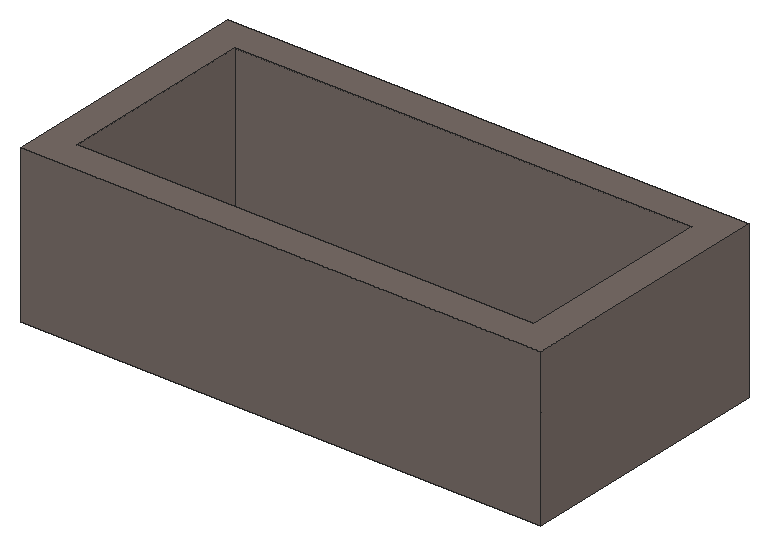
Revit family "Nicho de parede", category Generic Models, host Face, Revit 2016
Family settings
  Host = Face
  Part Type = Normal
  Can host rebar = No
  Round Connector Dimension = Use Diameter
  Cut with Voids When Loaded = No
  Shared = No
  Room Calculation Point = No
Parameters
  Profundidade = 15 cm
  Nicho = Nicho de parede
  Largura = 50 cm
  Espessura = 3 cm
  Default Elevation = 0 cm
  Altura = 25 cm
Reference planes (cm)
  plane 1 "Centro (Frente/Trás)": y = 0
  plane 2: z = 0
  plane 3 "Centro (Esquerda/Direita)": x = 0
Forms (cm)
  Extrusion 1, solid, material "Nicho de parede" <- "Nicho"
    sketch origin (0, 0, 0) x (1, 0, 0) y (0, 1, 0)
      loop
        line (-25, -12.5) -> (25, -12.5) -> (25, 12.5) -> (-25, 12.5) -> (-25, -12.5)
      loop
        line (-22, -9.5) -> (22, -9.5) -> (22, 9.5) -> (-22, 9.5) -> (-22, -9.5)
    from 0 to 15
Dimensions and locks (cm)
  "Espessura": Extrusion 1 sketch curve to Extrusion 1 sketch curve  (x4)
  equal spacing: Extrusion 1 sketch curve, plane 3 "Centro (Esquerda/Direita)", Extrusion 1 sketch curve
  "Largura": Extrusion 1 sketch curve to Extrusion 1 sketch curve
  equal spacing: Extrusion 1 sketch curve, plane 1 "Centro (Frente/Trás)", Extrusion 1 sketch curve
  "Altura": Extrusion 1 sketch curve to Extrusion 1 sketch curve
  "Profundidade": Extrusion 1 to level
  aligned and locked: plane 2 to host face
  aligned and locked: level to host face
Automatic sketch dimensions
  host sketch curve to host sketch curve = 243.84 cm  (x2)
